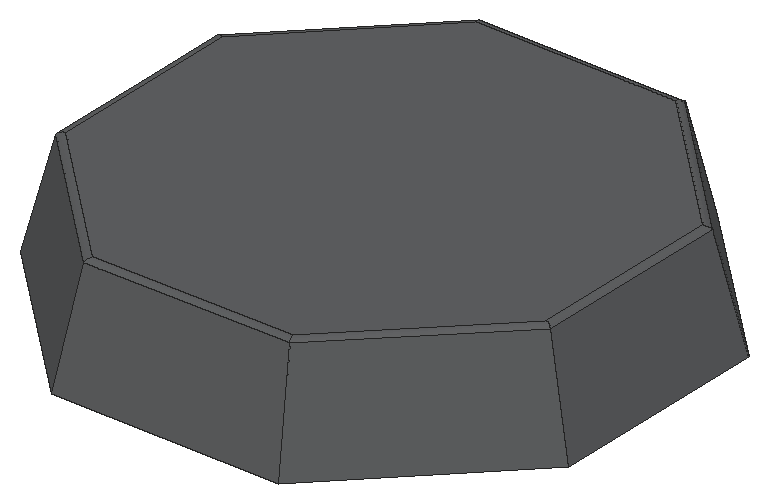
Revit family "Lighting_Ceiling-Mounted_Zero_Umbrella_Ceiling", category Lighting Fixtures, host Ceiling, Revit 2020
Family settings
  Host = Ceiling
  Round Connector Dimension = Use Diameter
  Part Type = Normal
  OmniClass Number = 23.80.70.00
  OmniClass Title = Lighting
  Always vertical = Yes
  Cut with Voids When Loaded = No
  Light Source = Yes
  Shared = No
  Room Calculation Point = No
Parameters (values of type "Umbrella 4x36W/2G11 Black")
  Youtube clip = ""
  Weight Net (Kg) = "4"
  Wattage = 78.0924 W
  WarrantyStartDate [instance] = "n/a"
  WarrantyGuarantorParts = "n/a"
  WarrantyGuarantorLabor = "n/a"
  WarrantyDurationUnit = "Year"
  WarrantyDurationParts = "n/a"
  WarrantyDurationLabor = "n/a"
  WarrantyDescription = "n/a"
  built-in parameter 1150110 = 1 (stored number, unit not read)
  VersionDate = "31/08/2023"  # constant formula
  Version = "3"  # constant formula
  UsageCurrent = 0 A
  Uniformat II Description = ""
  Uniformat II Code = ""
  Uniclass2015Reference = "Pr_70_70_48_85"
  Uniclass2015Description = "Surface luminaires"
  Uniclass2 = "Pr_70_70_49"
  Uniclass 2015 Name = ""
  Uniclass 2015 Code = ""
  Uniclass 2.0 Description = ""
  Uniclass 2.0 Code = ""
  Uniclass 1.4 Description = ""
  Uniclass 1.4 Code = ""
  URL = "https://www.zerolighting.com/umbrella-inomta"
  UNSPSC Code = ""
  TotalWattage = 145 W
  built-in parameter 1114217 = 1 (stored number, unit not read)
  Tilt Angle = 90.00°
  built-in parameter 1150109 = 1 (stored number, unit not read)
  built-in parameter 1150134 = (empty or 0)
  Technical description = ""
  TagNumber [instance] = "n/a"
  SustainabilityPerformance = "n/a"
  built-in parameter 1150113 = 1 (stored number, unit not read)
  Size = "800x800x165 mm"
  Shape = "Sculptured"
  SerialNumber [instance] = "n/a"
  Revision = "5"  # constant formula
  ReplacementCost = "n/a"
  Region South America = "None"
  Region Oceania = "AU, NZ"
  Region North America = "BZ, CR, GT, HN, MX, NI, PA, SV, US"
  Region Middle East = "AE"
  Region Europe = "AD, AL, AT, AX, BA, BE, BG, BY, CH, CY, CZ, DE, DK, EE, ES, FI, FO, FR, GB, GG, GI, GR, HR, HU, IE, IM, IS, IT, JE, LI, LT, LU, LV, MC, MD, ME, MK, MT, NL, NO, PL, PT, RO, RS, RU, SE, SI, SJ, SK, SM, UA, VA"
  Region Asia = "HK, JP, SG"
  Region Antarctica = "None"
  Region Africa = "None"
  ProductInformation = "n/a"
  Product group = "Ceiling fixtures"
  Product family = "Umbrella"
  Product certification = ""
  Product SKU = "Umbrella_ceiling_fixture"
  Product Guid = "b9592684-c2d6-4f1f-bcb2-09e673748232"
  Photometric Web File = "Umb7890_IES.IES"
  PhaseReference = "n/a"
  PhaseAngle = 0.00°
  OmniClass Description = ""
  OmniClass Code = ""
  NumberOfSources = 0
  NumberOfPoles = 1
  NominalVoltageCalc = 0 V
  NominalVoltage = 230 V
  NominalRadius = 400 mm
  NominalLength = 800 mm
  NominalFrequencyRange = 50 Hz
  NominalDiameter = 800 mm
  NominalCurrent = 0 A
  Nominal width = 800 mm
  Nominal height = 165 mm
  Name = "Zero_Umbrella_Ceiling"  # constant formula
  NBSReference = "90-60-50/405"
  NBSDescription = "General purpose luminaires"
  NBS Reference Description = ""
  NBS Reference Code = ""
  ModelReference = "n/a"
  ModelNumber = "7890-3-06"
  Model = "Umbrella 4x36W/2G11 Black"
  Material secondary = ""
  Material main = "Acrylic"
  Material = "Plastic"
  Masterformat 2014 Description = ""
  Masterformat 2014 Code = ""
  ManufacturersSpecificInformation = "n/a"
  ManufacturerURL = "https://www.zerolighting.com/"
  ManufacturerName = "Zero"
  Manufacturer name = "ZERO"
  Manufacturer country = "Sweden"
  Manufacturer = "Zero"
  MaintenanceFactor = 0
  Lumens = 11600 lm
  built-in parameter 1150115 = 1 (stored number, unit not read)
  built-in parameter 1150105 = 3981.7 (stored number, unit not read)
  LightFixturePlacingType = "Ceiling"
  LightFixtureMountingType = "Surface"
  LightFixtureMainMaterial = Graphite Black 9011
  built-in parameter 1150137 = (empty or 0)
  built-in parameter 1150139 = (empty or 0)
  LensMaterial = Tempered glass
  built-in parameter 1150112 = 1 (stored number, unit not read)
  built-in parameter 1150114 = 1 (stored number, unit not read)
  InsulationStandardClass = "n/a"
  InstallationDate [instance] = "n/a"
  Installation instructions = ""
  built-in parameter 1150132 = 2
  built-in parameter 1150102 = (empty or 0)
  built-in parameter 1150138 = (empty or 0)
  built-in parameter 1150107 = 3000 (stored number, unit not read)
  built-in parameter 1150106 = 39.817 (stored number, unit not read)
  IfcExportType = "NOTDEFINED"  # constant formula
  IfcExportAs = "IfcLightFixtureType"  # constant formula
  IP_Code = "20"
  IFC Classification = ""
  HasProtectiveEarth = no
  GTIN code = ""
  Edition number = 1
  Dimming = "None"
  Grade = "n/a"
  Finish = "Opal acrylic and painted acrylic."
  Features = "Terminal block 5x4mm2 Two entry holes."
  ExpectedLife = "n/a"
  Emit from Circle Diameter = 800 mm
  Emit Shape Visible in Rendering = no
  ElectricalDeviceNominalPower = 0
  built-in parameter 1150104 = 13.8 (stored number, unit not read)
  EANNumber = "n/a"
  DurationUnit = "Year"
  Dimming Lamp Color Temperature Shift = <None>
  Designer = "Monica Förster"
  Design country = "Sweden"
  DefaultElevation = 0 mm
  Default Elevation = 0 mm
  Date of publishing = ""
  Constituents = "n/a"
  Color Filter = 16777215
  Color = "Various"
  Collection = "Umbrella"
  CodePerformance = "n/a"
  Category = "Ceiling"
  COBIe Type Category = ""
  Brand url = "http://www.zero.se"
  Brand = "Zero"
  Barcode [instance] = "n/a"
  built-in parameter 1114218 = 1 (stored number, unit not read)
  BIMObjectName = "Lighting_Ceiling-Mounted_Zero_Umbrella_Ceiling"  # constant formula
  Author = "BIMStone"  # constant formula
  built-in parameter 1150133 = 10 (stored number, unit not read)
  AssetType = "Fixed"
  AssetIdentifier [instance] = "n/a"
  ArticleNumber = "7890-3-06"
  AccessibilityPerformance = "n/a"
Types (12, lengths in mm): name | Wattage | TotalWattage | Photometric Web File | ModelNumber | Model | Lumens | built-in parameter 1150105 | LightFixtureMainMaterial | built-in parameter 1150106 | Dimming | ArticleNumber
  Umbrella LED 2903LM White | 19.5433 W | 38 W | "Umbrella7893_IES.IES" | "7893-3-01" | "Umbrella LED 2903LM White" | 2903 lm | 231.01 (stored number, unit not read) | White RAL 9010 | 2.3101 (stored number, unit not read) | "None" | "7893-3-01"
  Umbrella LED 2903LM White HFF | 19.5433 W | 38 W | "Umbrella7893_IES.IES" | "7893-3-01HFF" | "Umbrella LED 2903LM White HFF" | 2903 lm | 231.01 (stored number, unit not read) | White RAL 9010 | 2.3101 (stored number, unit not read) | "Dimmable with DALI, DSI, SwitchDim" | "7893-3-01HFF"
  Umbrella LED 2903LM Black | 19.5433 W | 38 W | "Umbrella7893_IES.IES" | "7893-3-06" | "Umbrella LED 2903LM Black" | 2903 lm | 231.01 (stored number, unit not read) | Graphite Black 9011 | 2.3101 (stored number, unit not read) | "None" | "7893-3-06"
  Umbrella LED 2903LM Black HFF | 19.5433 W | 38 W | "Umbrella7893_IES.IES" | "7893-3-06HFF" | "Umbrella LED 2903LM Black HFF" | 2903 lm | 231.01 (stored number, unit not read) | Graphite Black 9011 | 2.3101 (stored number, unit not read) | "Dimmable with DALI, DSI, SwitchDim" | "7893-3-06HFF"
  Umbrella LED 2903LM Green | 19.5433 W | 38 W | "Umbrella7893_IES.IES" | "7893-3-12" | "Umbrella LED 2903LM Green" | 2903 lm | 231.01 (stored number, unit not read) | Opal Green 6026 | 2.3101 (stored number, unit not read) | "None" | "7893-3-12"
  Umbrella LED 2903LM Green HFF | 19.5433 W | 38 W | "Umbrella7893_IES.IES" | "7893-3-12HFF" | "Umbrella LED 2903LM Green HFF" | 2903 lm | 231.01 (stored number, unit not read) | Opal Green 6026 | 2.3101 (stored number, unit not read) | "Dimmable with DALI, DSI, SwitchDim" | "7893-3-12HFF"
  Umbrella 4x36W/2G11 White | 78.0924 W | 145 W | "Umb7890_IES.IES" | "7890-3-01" | "Umbrella 4x36W/2G11 White" | 11600 lm | 3981.7 (stored number, unit not read) | White RAL 9010 | 39.817 (stored number, unit not read) | "None" | "7890-3-01"
  Umbrella 4x36W/2G11 White HFF | 78.0924 W | 145 W | "Umb7890_IES.IES" | "7890-3-01HFF" | "Umbrella 4x36W/2G11 White HFF" | 11600 lm | 3981.7 (stored number, unit not read) | White RAL 9010 | 39.817 (stored number, unit not read) | "Dimmable with DALI, DSI, SwitchDim" | "7890-3-01HFF"
  Umbrella 4x36W/2G11 Black | 78.0924 W | 145 W | "Umb7890_IES.IES" | "7890-3-06" | "Umbrella 4x36W/2G11 Black" | 11600 lm | 3981.7 (stored number, unit not read) | Graphite Black 9011 | 39.817 (stored number, unit not read) | "None" | "7890-3-06"
  Umbrella 4x36W/2G11 Black HFF | 78.0924 W | 145 W | "Umb7890_IES.IES" | "7890-3-06HFF" | "Umbrella 4x36W/2G11 Black HFF" | 11600 lm | 3981.7 (stored number, unit not read) | Graphite Black 9011 | 39.817 (stored number, unit not read) | "Dimmable with DALI, DSI, SwitchDim" | "7890-3-06HFF"
  Umbrella 4x36W/2G11 Green | 78.0924 W | 145 W | "Umb7890_IES.IES" | "7890-3-12" | "Umbrella 4x36W/2G11 Green" | 11600 lm | 3981.7 (stored number, unit not read) | Opal Green 6026 | 39.817 (stored number, unit not read) | "None" | "7890-3-12"
  Umbrella 4x36W/2G11 Green HFF | 78.0924 W | 145 W | "Umb7890_IES.IES" | "7890-3-12HFF" | "Umbrella 4x36W/2G11 Green HFF" | 11600 lm | 3981.7 (stored number, unit not read) | Opal Green 6026 | 39.817 (stored number, unit not read) | "Dimmable with DALI, DSI, SwitchDim" | "7890-3-12HFF"
Reference planes
  plane 1 "Light Source Axis (F/B)": y = 0
  plane 2: z = 0
  plane 3 "Light Source Axis (L/R)": x = 0
  plane 4 "Ceiling": z = 0
  plane 5 "Light Source Elevation": z = -165
  plane 6: y = 400
  plane 7: y = -400
  plane 8: x = -400
  plane 9: x = 400
Forms (mm)
  Extrusion 1, solid, material "Graphite Black 9011" <- "LightFixtureMainMaterial", detail levels coarse
    sketch origin (0, 0, -111) x (-1, 0, 0) y (0, -1, 0)
      loop
        line (400, 400) -> (-400, 400) -> (-400, -400) -> (400, -400) -> (400, 400)
    from -54 to 111
  Extrusion 2, solid, material "Graphite Black 9011" <- "LightFixtureMainMaterial", detail levels medium+fine
    sketch origin (0, 0, -165) x (-1, 0, 0) y (0, -1, 0)
      loop
        circle (0, 0) r 5
    from 160.664 to 163.364
Lines and regions (mm)
  symbolic lines, detail levels medium+fine
    curve 1: line (-166.467, -400, -165) -> (-401.101, -163.796, -165)
    curve 2: line (166.467, -400, -165) -> (-166.467, -400, -165)
    curve 3: line (401.101, -163.796, -165) -> (166.467, -400, -165)
    curve 4: line (-401.101, 163.796, -165) -> (-166.467, 400, -165)
    curve 5: line (-166.467, 400, -165) -> (166.467, 400, -165)
    curve 6: line (166.467, 400, -165) -> (401.101, 163.796, -165)
    curve 7: line (-401.101, -163.796, -165) -> (-401.101, 163.796, -165)
    curve 8: line (401.101, -163.796, -165) -> (401.101, 163.796, -165)
    curve 19: line (0, 400, -165) -> (0, 361.051, -4.336)
    curve 20: line (0, -400, -165) -> (0, 400, -165)
    curve 21: line (0, -361.051, -4.336) -> (0, -400, -165)
    curve 22: arc (0, -361.051, -4.336) -> (0, -355.936, -1.123) -> (0, -350, 0) r 16.25
    curve 23: line (0, 350, 0) -> (0, -350, 0)
    curve 24: arc (0, 361.051, -4.336) -> (0, 355.936, -1.123) -> (0, 350, 0) r 16.25
    curve 30: line (401.101, 0, -165) -> (362.151, 0, -4.331)
    curve 31: line (-401.101, 0, -165) -> (401.101, 0, -165)
    curve 32: line (-362.151, 0, -4.331) -> (-401.101, 0, -165)
    curve 33: arc (-362.153, 0, -4.336) -> (-357.037, 0, -1.123) -> (-351.101, 0, 0) r 16.25
    curve 34: line (2000, 0, 0) -> (-2000, 0, 0)
    curve 35: spline (351.101, 0, -0.003) -> (352.099, 0, -0.029) -> (353.094, 0, -0.118) -> (354.083, 0, -0.271) -> (355.062, 0, -0.486) -> (356.028, 0, -0.763) -> (356.978, 0, -1.101) -> (357.908, 0, -1.499) -> (358.815, 0, -1.956) -> (359.695, 0, -2.469) -> (360.547, 0, -3.037) -> (361.367, 0, -3.659) -> (362.151, 0, -4.331)
  symbolic lines, detail levels fine
    curve 9: line (163.138, -392, -165) -> (-163.138, -392, -165)
    curve 10: line (392, -161.607, -165) -> (163.138, -392, -165)
    curve 11: line (392, 0, -165) -> (392, -161.607, -165)
    curve 12: line (-392, -161.607, -165) -> (-392, 0, -165)
    curve 13: line (-163.138, -392, -165) -> (-392, -161.607, -165)
    curve 14: line (163.138, 392, -165) -> (-163.138, 392, -165)
    curve 15: line (392, 161.607, -165) -> (163.138, 392, -165)
    curve 16: line (392, 0, -165) -> (392, 161.607, -165)
    curve 17: line (-392, 161.607, -165) -> (-392, 0, -165)
    curve 18: line (-163.138, 392, -165) -> (-392, 161.607, -165)
    curve 25: line (0, 361.051, -4.336) -> (0, -361.051, -4.336)
    curve 26: line (0, -163.796, -165) -> (0, -147.739, -4.336)
    curve 27: line (0, 163.796, -165) -> (0, 147.739, -4.336)
    curve 28: spline (0, 143.183, -0.003) -> (0, 143.599, -0.029) -> (0, 144.013, -0.118) -> (0, 144.424, -0.271) -> (0, 144.829, -0.486) -> (0, 145.229, -0.764) -> (0, 145.621, -1.102) -> (0, 146.004, -1.5) -> (0, 146.377, -1.957) -> (0, 146.738, -2.471) -> (0, 147.086, -3.039) -> (0, 147.421, -3.661) -> (0, 147.74, -4.334)
    curve 29: spline (0, -147.74, -4.334) -> (0, -147.413, -3.661) -> (0, -147.073, -3.039) -> (0, -146.719, -2.471) -> (0, -146.355, -1.957) -> (0, -145.98, -1.5) -> (0, -145.596, -1.102) -> (0, -145.205, -0.764) -> (0, -144.807, -0.486) -> (0, -144.405, -0.271) -> (0, -143.999, -0.118) -> (0, -143.591, -0.029) -> (0, -143.183, -0.003)
    curve 36: spline (145.659, 0, -0.003) -> (146.078, 0, -0.029) -> (146.496, 0, -0.118) -> (146.911, 0, -0.271) -> (147.32, 0, -0.486) -> (147.723, 0, -0.763) -> (148.119, 0, -1.101) -> (148.505, 0, -1.499) -> (148.881, 0, -1.955) -> (149.246, 0, -2.468) -> (149.598, 0, -3.037) -> (149.935, 0, -3.658) -> (150.257, 0, -4.331)
    curve 37: spline (-145.659, 0, -0.003) -> (-146.071, 0, -0.029) -> (-146.482, 0, -0.118) -> (-146.892, 0, -0.271) -> (-147.298, 0, -0.486) -> (-147.699, 0, -0.763) -> (-148.094, 0, -1.101) -> (-148.481, 0, -1.499) -> (-148.859, 0, -1.955) -> (-149.227, 0, -2.469) -> (-149.584, 0, -3.037) -> (-149.928, 0, -3.658) -> (-150.257, 0, -4.331)
    curve 38: line (-166.467, 0, -165) -> (-150.257, 0, -4.331)
    curve 39: line (166.467, 0, -165) -> (150.257, 0, -4.331)
    curve 40: line (362.151, 0, -4.331) -> (-362.151, 0, -4.331)
Dimensions and locks
  equal spacing: host sketch curve, plane 3 "Light Source Axis (L/R)", host sketch curve
  equal spacing: host sketch curve, plane 1 "Light Source Axis (F/B)", host sketch curve
  host sketch curve to host sketch curve = 4000 mm  (x2)
  locked: plane 4 "Ceiling" to host ceiling
  equal spacing: plane 6, plane 1 "Light Source Axis (F/B)", plane 7
  plane 6 to plane 7 = 800 mm
  equal spacing: plane 8, plane 3 "Light Source Axis (L/R)", plane 9
  "NominalLength": plane 8 to plane 9
  aligned and locked: plane 3 "Light Source Axis (L/R)" to imposter light
  aligned and locked: plane 1 "Light Source Axis (F/B)" to imposter light
  aligned and locked: plane 5 "Light Source Elevation" to imposter light
  aligned and locked: curve 25 to Extrusion 2
Automatic sketch dimensions
  Extrusion 1 sketch curve to plane 7 = 0 mm
  Extrusion 1 sketch curve to plane 9 = 0 mm
  Extrusion 1 sketch curve to plane 6 = 0 mm
  Extrusion 1 sketch curve to plane 8 = 0 mm
  plane 1 "Light Source Axis (F/B)" to curve 11 = 0 mm
  curve 5 to plane 6 = 0 mm
  curve 3 to plane 7 = 0 mm
  plane 1 "Light Source Axis (F/B)" to curve 12 = 0 mm
  curve 8 to plane 9 = 1.101 mm
  plane 9 to curve 15 = 8 mm
  plane 3 "Light Source Axis (L/R)" to curve 5 = 166.467 mm
  plane 3 "Light Source Axis (L/R)" to curve 3 = 166.467 mm
  plane 7 to curve 10 = 8 mm
  curve 2 to curve 10 = 3.329 mm
  curve 15 to plane 6 = 8 mm
  curve 5 to curve 15 = 3.329 mm
  curve 13 to plane 3 "Light Source Axis (L/R)" = 163.138 mm
  curve 14 to plane 3 "Light Source Axis (L/R)" = 163.138 mm
  curve 14 to curve 5 = 3.329 mm
  curve 9 to curve 1 = 3.329 mm
  curve 13 to plane 8 = 8 mm
  plane 8 to curve 7 = 1.101 mm
  curve 8 to plane 1 "Light Source Axis (F/B)" = 163.796 mm
  curve 7 to plane 1 "Light Source Axis (F/B)" = 163.796 mm
  curve 4 to curve 18 = 2.189 mm
  curve 6 to curve 15 = 2.189 mm
  plane 1 "Light Source Axis (F/B)" to curve 11 = 161.607 mm
  plane 1 "Light Source Axis (F/B)" to curve 12 = 161.607 mm
  curve 12 to curve 7 = 2.189 mm
  curve 10 to curve 3 = 2.189 mm
  plane 5 "Light Source Elevation" to curve 20 = 0 mm
  curve 20 to plane 7 = 0 mm
  curve 22 to level = 0 mm
  curve 19 to plane 6 = 0 mm
  plane 7 to curve 21 = 38.949 mm
  curve 22 to curve 22 = 11.051 mm
  curve 23 to plane 6 = 50 mm
  curve 23 to curve 19 = 11.051 mm
  plane 1 "Light Source Axis (F/B)" to curve 26 = 163.796 mm
  plane 1 "Light Source Axis (F/B)" to curve 26 = 147.739 mm
  curve 27 to plane 1 "Light Source Axis (F/B)" = 147.739 mm
  curve 27 to curve 27 = 16.057 mm
  curve 34 to level = 0 mm
  curve 31 to plane 5 "Light Source Elevation" = 0 mm
  plane 8 to curve 31 = 1.101 mm
  curve 32 to level = 4.331 mm
  curve 32 to plane 8 = 37.849 mm
  curve 32 to curve 33 = 11.05 mm
  curve 38 to level = 4.331 mm
  curve 38 to plane 3 "Light Source Axis (L/R)" = 150.257 mm
  curve 39 to level = 4.331 mm
  plane 3 "Light Source Axis (L/R)" to curve 39 = 150.257 mm
  plane 9 to curve 30 = 37.849 mm
  curve 31 to plane 9 = 1.101 mm
  plane 8 to curve 34 = 1600 mm
  curve 38 to curve 37 = 16.21 mm
  curve 37 to curve 37 = 4.367 mm
  curve 37 to level = 0.003 mm  (x2)
  curve 38 to curve 37 = 4.591 mm
  curve 36 to curve 36 = 4.749 mm
  curve 36 to level = 0.003 mm  (x2)
  curve 36 to curve 39 = 4.599 mm
  curve 36 to curve 39 = 20.959 mm
  curve 35 to level = 0.009 mm
  curve 35 to curve 30 = 11.409 mm
  curve 35 to level = 0.003 mm
  curve 35 to curve 35 = 0.359 mm
  curve 34 to plane 9 = 1600 mm
  curve 33 to curve 33 = 16.25 mm
  curve 33 to curve 40 = 0.001 mm
  plane 1 "Light Source Axis (F/B)" to Extrusion 2 sketch curve = 0 mm
  Extrusion 2 sketch curve to plane 3 "Light Source Axis (L/R)" = 0 mm
  curve 29 to curve 26 = 0.001 mm
  curve 26 to curve 29 = 4.328 mm
  curve 29 to level = 0.003 mm  (x2)
  curve 29 to curve 29 = 4.55 mm
  curve 29 to curve 29 = 0.007 mm
  curve 28 to curve 27 = 4.706 mm
  curve 28 to level = 0.003 mm  (x2)
  curve 28 to curve 27 = 4.556 mm
  curve 28 to curve 28 = 0.072 mm
  curve 27 to curve 28 = 0.001 mm
  radius of Extrusion 2 sketch curve = 5 mm
Nested families
  nested 1: "umbrella-ceiling" at (0, 0, -165), Material1 <- "LightFixtureMainMaterial", Material2 <- "LensMaterial", type "umbrella-ceiling", detail levels medium+fine
    with Material2 Tempered glass, Material1 Graphite Black 9011
Connectors
  electrical at (0, 0, -1.636), driven by "NominalVoltage"
    settings: on Extrusion 2, index 1, voltage 230 V, apparent load 0 VA, apparent load phase1 0 VA, apparent load phase2 0 VA, apparent load phase3 0 VA, power factor 1, load classification "Other", number of poles 1, system type 31, power factor state 1, is connector primary yes, connector utility no, sub classification motor no, connector description ""
Definition of nested family "umbrella-ceiling"
  Parameters (values of type "umbrella-ceiling")
    Material2 [instance] = none
    Material1 [instance] = none
    Default Elevation = 0 mm
  Reference planes
    plane 1 "Center (Front/Back)": y = 0
    plane 2: z = 0
    plane 3 "Center (Left/Right)": x = 0
  Forms (mm)
    Blend 1, solid, material <- "Material1"
      base sketch origin (0, 0, 0) x (1, 0, 0) y (0, 1, 0)
        loop
          line (166.467, -400) -> (401.101, -163.796) -> (401.101, 163.796) -> (166.467, 400) -> (-166.467, 400) -> (-401.101, 163.796) -> (-401.101, -163.796) -> (-166.467, -400) -> (166.467, -400)
      top sketch origin (0, 0, 0) x (1, 0, 0) y (0, 1, 0)
        loop
          line (149.821, 360) -> (-149.821, 360) -> (-361.101, 147.306) -> (-361.101, -147.306) -> (-149.821, -360) -> (149.821, -360) -> (361.101, -147.306) -> (361.101, 147.306) -> (149.821, 360)
      from 0 to 165
    Blend 2, void
      base sketch origin (0, 0, 0) x (1, 0, 0) y (0, 1, 0)
        loop
          line (-163.138, 392) -> (-393.101, 160.498) -> (-393.101, -160.498) -> (-163.138, -392) -> (163.138, -392) -> (393.101, -160.498) -> (393.101, 160.498) -> (163.138, 392) -> (-163.138, 392)
      top sketch origin (0, 0, 0) x (1, 0, 0) y (0, 1, 0)
        loop
          line (146.491, 352) -> (-146.491, 352) -> (-353.101, 144.007) -> (-353.101, -144.007) -> (-146.491, -352) -> (146.491, -352) -> (353.101, -144.007) -> (353.101, 144.007) -> (146.491, 352)
      from 0 to 158
    Sweep 3, void
      path in 3D
        loop
          line (-361.101, -147.306, 165) -> (-361.101, 147.306, 165) -> (-149.821, 360, 165) -> (149.821, 360, 165) -> (361.101, 147.306, 165) -> (361.101, -147.306, 165) -> (149.821, -360, 165) -> (-149.821, -360, 165) -> (-361.101, -147.306, 165)
      profile origin (-255.461, -253.653, 165) x (-0.709461, -0.704745, 0) y (0, 0, 1)
        loop
          arc (-10, 0) -> (-0.986, -2.729) -> (5, -10) r 16.25
          line (5, -10) -> (10, -10) -> (10, 10) -> (-10, 10) -> (-10, 0)
    Extrusion 4, solid, material <- "Material2"
      sketch origin (0, 0, 0) x (1, 0, 0) y (0, 1, 0)
        loop
          line (-393.101, 160.498) -> (-393.101, -160.498) -> (-163.138, -392) -> (163.138, -392) -> (393.101, -160.498) -> (393.101, 160.498) -> (163.138, 392) -> (-163.138, 392) -> (-393.101, 160.498)
      from 0 to 10
  Cuts and joins
    Blend 2, Sweep 3 cuts Blend 1
  Lines and regions (mm)
    sketch lines
      curve 1: line (-149.821, -360, 165) -> (-361.101, -147.306, 165)
      curve 2: line (149.821, -360, 165) -> (-149.821, -360, 165)
      curve 3: line (361.101, -147.306, 165) -> (149.821, -360, 165)
      curve 4: line (361.101, 147.306, 165) -> (361.101, -147.306, 165)
      curve 5: line (149.821, 360, 165) -> (361.101, 147.306, 165)
      curve 6: line (-149.821, 360, 165) -> (149.821, 360, 165)
      curve 7: line (-361.101, 147.306, 165) -> (-149.821, 360, 165)
      curve 8: line (-361.101, -147.306, 165) -> (-361.101, 147.306, 165)
  Dimensions and locks
    aligned and locked: level to plane 2
